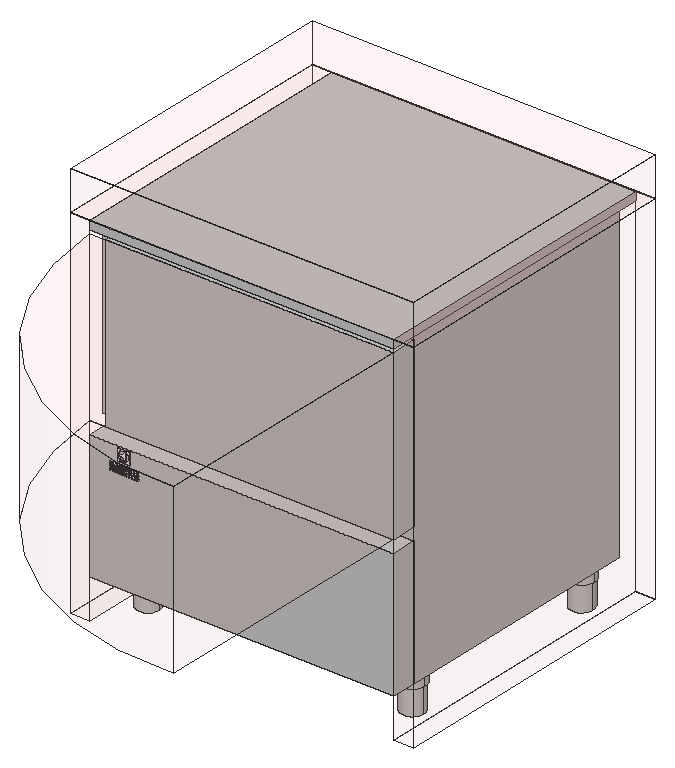
Revit family "QF_ELECTROLUXPROFESSIONAL_725208_ECBCFA015SE", category Attrezzature speciali, Revit 2018
Family settings
  Quota connettore circolare = Usa diametro
  Tipo di parte = Normale
  Basato su piano di lavoro = No
  Sempre verticale = Sì
  Taglio con vuoti quando caricato = No
  Condiviso = No
  Punto di calcolo locali = No
Parameters (values of type "Standard")
  Weight = 85.00 kg
  Watts = 1100 W
  Volts = 220 V
  URL Manufacturer = "https://www.electroluxprofessional.com/"
  URL = "https://www.electroluxprofessional.com/"
  Steam Supply Size = 0 mm
  Steam Supply Minimum Pressure = 0.0 Pa
  Steam Supply Maximum Pressure = 0.0 Pa
  Steam Consumption per Hour = 0
  Show Logo [instance] = yes
  Show Clearance [instance] = yes
  Refrigeration Suction Line Size = 0 mm
  Refrigeration Liquid Line Size = 0 mm
  Refrigerant Compressor Remote = yes
  Produttore = "Electrolux Professional"
  Phase = 1
  Modello = "ECBCFA015SE"
  Length Actual = 762 mm  # constant formula
  Item Number = "725208"
  Hot Water Size = 0 mm
  Height Actual = 902 mm  # constant formula
  HP = "1.5 HP"
  Gas Size = 0 mm
  Gas KW = 0
  Gas Input Pressure = 0 W
  Direct Waste Size = 0 mm
  Descrizione = "BLAST CHILLER/FREEZER CW 15KG 5 GN 1/1 - R452A"
  Depth Actual = 760 mm  # constant formula
  Cycle = 50 Hz
  Condensate Return Size = 0 mm
  Compressed Air Volume = 0.0 L/s
  Compressed Air Size = 0 mm
  Compressed Air Pressure = 0.0 Pa
  Cold Water Size = 0 mm
  Accessory = yes
Types (2, lengths in mm): name | URL | Produttore | Phase | Modello | Descrizione
  (no name) | 0 | 0 | 0 | 0 | 0
  Standard | "https://www.electroluxprofessional.com/" | "Electrolux Professional" | 1 | "ECBCFA015SE" | "BLAST CHILLER/FREEZER CW 15KG 5 GN 1/1 - R452A"
Values of the unnamed type that differ from the named types
  Weight = 0.00 kg
  Watts = 0 W
  Volts = 0 V
  URL Manufacturer = ""
  Item Number = ""
  HP = ""
  Cycle = 0 Hz
Reference planes
  plane 1 "Center X": y = 167.851
  plane 2: z = 0
  plane 3 "Center Y": x = -378
  plane 4 "LEFT": x = -759
  plane 5 "BACK": y = 547.851
  plane 6 "RIGHT": x = 3
  plane 7 "FRONT": y = -212.149
  plane 8: z = 100
  plane 9 "TOP": z = 902
  plane 10: x = -710
  plane 11: y = 440.851
  plane 12: x = -46
  plane 13: y = -52.149
  plane 14: y = 496.851
  plane 15: z = 882
  plane 16: y = -902.149
Forms (mm)
  Extrusion 1, solid, material "QF_Finishes_Stainless Steel"
    sketch origin (0, 0, 902) x (-1, 0, 0) y (0, -1, 0)
      loop
        line (759, -496.851) -> (759, 147.149) -> (-3, 147.149) -> (-3, -496.851) -> (759, -496.851)
    from -20 to -802
  Extrusion 2, solid, material "QF_Finishes_Stainless Steel"
    sketch origin (-499.727, 496.851, 794) x (1, 0, 0) y (0, 0, -1)
      loop
        circle (121.727, 644) r 10.5
    from 0 to 10
  Extrusion 3, solid, material "QF_Finishes_Stainless Steel"
    sketch origin (-1206.916, -1524, 100) x (-1, 0, 0) y (0, -1, 0)
      loop
        line (-447.916, -1311.851) -> (-1209.916, -1311.851) -> (-1209.916, -1376.851) -> (-447.916, -1376.851) -> (-447.916, -1311.851)
    from 320.766 to 0
  Extrusion 4, solid, material "QF_Finishes_Stainless Steel"
    sketch origin (-1225.916, -1562, 130) x (0, -1, 0) y (-1, 0, 0)
      loop
        circle (-1673.851, -847.916) r 9.5
    from 30 to 40
  Extrusion 5, solid, material "QF_Finishes_Stainless Steel"
    sketch origin (-623, 0, 1060.038) x (1, 0, 0) y (0, 1, 0)
      loop
        line (626, -212.149) -> (626, -147.149) -> (-136, -147.149) -> (-136, -212.149) -> (626, -212.149)
    from -186.804 to -608.038
  Extrusion 6, solid, material "QF_Finishes_Stainless Steel"
    sketch origin (-1206.916, -1524, 882) x (-1, 0, 0) y (0, -1, 0)
      loop
        line (-447.916, -2071.851) -> (-447.916, -1311.851) -> (-1209.916, -1311.851) -> (-1209.916, -2071.851) -> (-447.916, -2071.851)
    from 20 to 0
  Extrusion 7, solid, material "QF_Clearance", visible <- "Show Clearance"
    sketch origin (0, 0, 0) x (1, 0, 0) y (0, 1, 0)
      loop
        line (-759, 547.851) -> (-809, 547.851) -> (-809, -212.149) -> (-759, -212.149) -> (-759, 547.851)
      loop
        line (53, 547.851) -> (3, 547.851) -> (3, -212.149) -> (53, -212.149) -> (53, 547.851)
    from 0 to 902
  Extrusion 8, solid, material "QF_Clearance", visible <- "Show Clearance"
    sketch origin (0, 0, 0) x (1, 0, 0) y (0, 1, 0)
      loop
        line (-809, 547.851) -> (-809, -212.149) -> (53, -212.149) -> (53, 547.851) -> (-809, 547.851)
    from 902 to 1002
  Extrusion 9, void
    sketch origin (0, 0, 0) x (1, 0, 0) y (0, 1, 0)
      loop
        line (-759, -212.149) -> (-719, -212.149) -> (-719, -172.149) -> (-759, -172.149) -> (-759, -212.149)
    from 452 to 873.234
  Extrusion 10, solid, material "QF_Clearance"
    sketch origin (0, 0, 0) x (1, 0, 0) y (0, 1, 0)
      loop
        line (3, -902.149) -> (3, -212.149) -> (-759, -212.149)
        arc (-759, -212.149) -> (-521.162, -715.25) -> (3, -902.149) r 725.966
    from 452 to 873.234
Cuts and joins
  joined: Extrusion 1, Extrusion 2, Extrusion 4
  Extrusion 9 cuts Extrusion 3
  Extrusion 9 cuts Extrusion 7
  Extrusion 9 cuts Extrusion 5
Lines and regions (mm)
  Split face 1
    outline origin (3, -212.149, 100) x (-1, 0, 0) y (0, 0, -1)
      loop
        line (762, -254.5) -> (544.5, -254.5) -> (522.858, -232.858) -> (239.142, -232.858) -> (217.5, -254.5) -> (0, -254.5)
  Split face 2
    outline origin (3, -212.149, 100) x (-1, 0, 0) y (0, 0, -1)
      loop
        line (762, -212) -> (0, -212)
  Split face 3
    outline origin (3, -212.149, 100) x (-1, 0, 0) y (0, 0, -1)
      loop
        line (408.5, -305.998) -> (408.5, -290.998) -> (353.5, -290.998) -> (353.5, -305.998) -> (408.5, -305.998)
  Split face 4
    outline origin (3, -212.149, 75) x (-1, 0, 0) y (0, 0, -1)
      loop
        line (408.5, -305.998) -> (408.5, -290.998) -> (353.5, -290.998) -> (353.5, -305.998) -> (408.5, -305.998)
  symbolic lines
    curve 1: line (-759, 547.851, 902) -> (3, 547.851, 902)
    curve 2: line (-759, -212.149, 902) -> (-759, 547.851, 902)
    curve 3: line (3, 547.851, 902) -> (3, -212.149, 902)
    curve 4: line (3, -212.149, 0) -> (-759, -212.149, 0)
  symbolic lines, style "QF_Clearances"
    curve 5: line (-809, 547.851, 0) -> (-809, -212.149, 0)
    curve 6: line (-809, -212.149, 0) -> (-759, -212.149, 0)
    curve 7: line (53, 547.851, 0) -> (3, 547.851, 0)
    curve 8: line (53, 547.851, 0) -> (53, -212.149, 0)
    curve 9: line (-759, 547.851, 0) -> (-809, 547.851, 0)
    curve 10: line (3, -212.149, 0) -> (53, -212.149, 0)
  symbolic lines, style "QF_Door-Drawer Clearances"
    curve 11: arc (-759, -212.149, 0) -> (-521.162, -715.25, 0) -> (3, -902.149, 0) r 725.966
    curve 12: line (3, -902.149, 0) -> (3, -212.149, 0)
Dimensions and locks
  equal spacing: plane 4 "LEFT", plane 3 "Center Y", plane 6 "RIGHT"
  plane 4 "LEFT" to plane 6 "RIGHT" = 762 mm
  plane 5 "BACK" to plane 7 "FRONT" = 760 mm
  equal spacing: plane 5 "BACK", plane 1 "Center X", plane 7 "FRONT"
  cut or joined group of Extrusion 1, Extrusion 2, Extrusion 4 to Extrusion 2 sketch curve = 381 mm
  level to Extrusion 2 sketch curve = 150 mm
  plane 5 "BACK" to Extrusion 4 sketch curve = 436 mm
  plane 4 "LEFT" to Extrusion 4 sketch curve = 381 mm
  Extrusion 2 sketch curve to plane 4 "LEFT" = 381 mm
  plane 9 "TOP" to plane 2 = 902 mm
  locked: plane 9 "TOP" to plane 15 at 20
  plane 8 to level = 100 mm
  plane 6 "RIGHT" to plane 12 = 49 mm
  plane 5 "BACK" to plane 14 = 51 mm
  plane 5 "BACK" to plane 16 = 1450 mm
  aligned and locked: level to plane 2
  aligned and locked: plane 12 to nested 3
  aligned and locked: plane 12 to nested 2
  aligned and locked: nested 4 to plane 11
  aligned and locked: nested 3 to plane 11
  aligned and locked: Extrusion 1 to plane 4 "LEFT"
  aligned and locked: plane 6 "RIGHT" to Extrusion 1
  aligned and locked: plane 15 to cut or joined group of Extrusion 1, Extrusion 2, Extrusion 4
  aligned and locked: plane 14 to Extrusion 1
  aligned and locked: Extrusion 8 sketch curve to Extrusion 7  (x4)
  aligned and locked: Extrusion 8 to plane 9 "TOP"
Automatic sketch dimensions
  Extrusion 1 sketch curve to plane 6 "RIGHT" = 0 mm
  Extrusion 1 sketch curve to plane 4 "LEFT" = 0 mm
  Extrusion 1 sketch curve to plane 14 = 0 mm
  plane 7 "FRONT" to Extrusion 1 sketch curve = 65 mm
  curve 1 to plane 5 "BACK" = 0 mm
  curve 1 to plane 6 "RIGHT" = 0 mm
  curve 2 to plane 4 "LEFT" = 0 mm
  curve 3 to plane 7 "FRONT" = 0 mm
  curve 2 to plane 7 "FRONT" = 0 mm
  Extrusion 3 sketch curve to plane 6 "RIGHT" = 0 mm
  Extrusion 3 sketch curve to plane 4 "LEFT" = 0 mm
  Extrusion 3 sketch curve to plane 7 "FRONT" = 0 mm
  Extrusion 3 sketch curve to Extrusion 3 sketch curve = 65 mm
  Extrusion 5 sketch curve to plane 7 "FRONT" = 0 mm
  Extrusion 5 sketch curve to plane 10 = 49 mm
  Extrusion 5 sketch curve to plane 6 "RIGHT" = 0 mm
  Extrusion 5 sketch curve to Extrusion 5 sketch curve = 65 mm
  Extrusion 6 sketch curve to plane 5 "BACK" = 0 mm
  Extrusion 6 sketch curve to plane 6 "RIGHT" = 0 mm
  Extrusion 6 sketch curve to plane 4 "LEFT" = 0 mm
  Extrusion 6 sketch curve to plane 7 "FRONT" = 0 mm
  Split face 2 sketch curve to Extrusion 3 = 0 mm
  Extrusion 3 to Split face 2 sketch curve = 0 mm
  Split face 2 sketch curve to Extrusion 3 = 108.766 mm
  Split face 3 sketch curve to Extrusion 3 = 14.768 mm
  Split face 3 sketch curve to Extrusion 3 = 353.5 mm
  Split face 3 sketch curve to Split face 3 sketch curve = 55 mm
  Split face 3 sketch curve to Split face 3 sketch curve = 15 mm
  Split face 4 sketch curve to Extrusion 3 = 39.768 mm
  Split face 4 sketch curve to Extrusion 3 = 353.5 mm
  Split face 4 sketch curve to Split face 4 sketch curve = 55 mm
  Split face 4 sketch curve to Split face 4 sketch curve = 15 mm
  Extrusion 7 sketch curve to plane 7 "FRONT" = 0 mm  (x2)
  Extrusion 7 sketch curve to plane 5 "BACK" = 0 mm  (x2)
  Extrusion 7 sketch curve to plane 4 "LEFT" = 0 mm
  Extrusion 7 sketch curve to plane 6 "RIGHT" = 0 mm
  Extrusion 7 sketch curve to Extrusion 7 sketch curve = 50 mm
  plane 6 "RIGHT" to Extrusion 7 sketch curve = 50 mm
  curve 6 to plane 7 "FRONT" = 0 mm
  curve 5 to plane 5 "BACK" = 0 mm
  plane 6 "RIGHT" to curve 8 = 50 mm
  curve 7 to plane 5 "BACK" = 0 mm
  curve 6 to plane 4 "LEFT" = 0 mm
  curve 9 to plane 4 "LEFT" = 0 mm
  curve 9 to curve 9 = 50 mm
  curve 7 to plane 6 "RIGHT" = 0 mm
  Extrusion 9 sketch curve to plane 4 "LEFT" = 0 mm
  Extrusion 9 sketch curve to plane 7 "FRONT" = 0 mm
  Extrusion 9 sketch curve to plane 10 = 9 mm
  plane 7 "FRONT" to Extrusion 9 sketch curve = 40 mm
  Extrusion 10 sketch curve to plane 4 "LEFT" = 0 mm
  Extrusion 10 sketch curve to plane 6 "RIGHT" = 0 mm
  Extrusion 10 sketch curve to plane 16 = 0 mm
  Extrusion 10 sketch curve to plane 7 "FRONT" = 0 mm
  plane 12 to Extrusion 10 sketch curve = 12.12 mm
  curve 11 to plane 6 "RIGHT" = 0 mm
  curve 11 to plane 16 = 0 mm
  plane 12 to curve 11 = 12.12 mm
  Split face 1 sketch curve to Extrusion 3 = 0 mm
  Extrusion 3 to Split face 1 sketch curve = 0 mm
  Split face 1 sketch curve to Extrusion 3 = 66.266 mm
  Split face 1 sketch curve to Extrusion 3 = 217.5 mm
  Split face 1 sketch curve to Split face 1 sketch curve = 21.642 mm  (x3)
  Split face 1 sketch curve to Extrusion 3 = 87.908 mm
  Split face 1 sketch curve to Extrusion 3 = 239.142 mm
  radius of Extrusion 2 sketch curve = 10.5 mm
  radius of Extrusion 4 sketch curve = 9.5 mm
Nested families
  nested 1: "Foot_Complete" at (-710, -91.149, 0), type "Foot_Complete"
    with H 100 mm
  nested 2: "Foot_Complete" at (-46, -91.149, 0), type "Foot_Complete"
    with H 100 mm
  nested 3: "Foot_Complete" at (-46, 440.851, 0), type "Foot_Complete"
    with H 100 mm
  nested 4: "Foot_Complete" at (-710, 440.851, 0), type "Foot_Complete"
    with H 100 mm
  nested 5: "ELX_Pro_Logo" at (-673, -212.149, 384.5) x (1, 0, 0) z (0, -1, 0), type "ELX_Pro_Logo"
Connectors
  electrical at (-378, 506.851, 150), driven by "Volts"
    settings: on Extrusion 2, index 5, voltage 220 V, apparent load 0 VA, apparent load phase1 0 VA, apparent load phase2 0 VA, apparent load phase3 0 VA, power factor 1, load classification "Altro", number of poles 1, system type 30, power factor state 1, is connector primary yes, connector utility no, sub classification motor no, connector description "Electrical Connection"
  piping at (-378, 111.851, 90), diameter 19
    settings: on cut or joined group of Extrusion 1, Extrusion 2, Extrusion 4, index 6, connector inside diameter 609.6 mm, connector length 0 mm, flow factor 0, pipe flow 0.0 L/s, pressure drop 0.0 Pa, fitting loss kfactor 0, connector angle 0.00°, fixture units 0, engagement length 0 mm, angle of deflection 0.00°, flow configuration 1, flow direction 2, fitting loss method 0, system type 16, joint type 0, gender type 0, connector reference index -1, connector utility 0, adjustable connector no, is connector primary yes, connector description "Drain"
Definition of nested family "Foot_Complete"
  Parameters
    R = 32 mm
    H = 150 mm
  Reference planes
    plane 1 "Centro (Fronte/Retro)": y = 0
    plane 2: z = 0
    plane 3 "Centro (Sinistra/Destra)": x = 0
    plane 4: z = 150
  Forms (mm)
    Revolve 1, solid
      sketch origin (255.05, 0, 608.09) x (0, 0, 1) y (-1, 0, 0)
        loop
          line (-608.09, 255.05) -> (-608.09, 226.55) -> (-544.09, 226.55) -> (-544.09, 223.05) -> (-458.09, 223.05) -> (-458.09, 255.05) -> (-608.09, 255.05)
        axis (-608.09, 255.05) -> (-458.09, 255.05)
      angle from 0 to 360
  Dimensions and locks
    locked: level to Revolve 1 sketch curve at 64
    "R": Revolve 1 sketch curve to plane 3 "Centro (Sinistra/Destra)"
    "H": plane 4 to level
    aligned and locked: level to plane 2
    aligned and locked: plane 4 to Revolve 1 sketch curve
    aligned and locked: Revolve 1 sketch curve to level
    aligned and locked: plane 3 "Centro (Sinistra/Destra)" to Revolve 1 sketch curve
  Automatic sketch dimensions
    Revolve 1 sketch curve to plane 3 "Centro (Sinistra/Destra)" = 0 mm
    plane 3 "Centro (Sinistra/Destra)" to Revolve 1 sketch curve = 28.5 mm
    Revolve 1 sketch curve to Revolve 1 sketch curve = 50 mm
    Revolve 1 sketch curve to Revolve 1 sketch curve = 20 mm
Definition of nested family "ELX_Pro_Logo"
  Parameters (values of type "ELX_Pro_Logo")
    M = none
    Default Elevation = 0 mm
  Reference planes
    plane 1 "Centro (Fronte/Retro)": y = 0
    plane 2: z = 0
    plane 3 "Centro (Sinistra/Destra)": x = 0
  Forms (mm)
    Extrusion 1, solid
      sketch origin (0, 0, 0) x (1, 0, 0) y (0, 1, 0)
        loop
          line (-1219.2, 1219.2) -> (-1219.2, -1219.2) -> (1219.2, -1219.2) -> (1219.2, 1219.2) -> (-1219.2, 1219.2)
      from 0 to -304.8
    Extrusion 2, solid, material <- "M"
      sketch origin (-144.622, -1081.55, 0) x (-1, 0, 0) y (0, -1, 0)
        loop
          line (-111.329, -1069.559) -> (-111.329, -1071.073) -> (-116.048, -1071.073) -> (-116.048, -1072.896) -> (-111.328, -1072.896) -> (-111.328, -1075.549) -> (-116.349, -1075.549) -> (-116.349, -1077.368) -> (-109.396, -1077.368) -> (-109.396, -1073.46) -> (-109.396, -1069.659)
          arc (-109.396, -1069.659) -> (-110.425, -1067.175) -> (-112.909, -1066.146) r 3.513
          line (-112.909, -1066.146) -> (-116.483, -1066.146) -> (-116.483, -1067.963) -> (-112.925, -1067.963)
          arc (-112.925, -1067.963) -> (-111.797, -1068.431) -> (-111.329, -1069.559) r 1.596
        loop
          line (-119.79, -1077.358) -> (-117.856, -1077.358) -> (-117.856, -1072.053) -> (-117.856, -1066.132) -> (-119.79, -1066.132) -> (-119.79, -1072.092) -> (-119.79, -1077.358)
        loop
          line (-122.986, -1069.718) -> (-129.327, -1069.718)
          arc (-129.327, -1069.718) -> (-129.219, -1071.449) -> (-128.497, -1073.026) r 4.757
          arc (-128.497, -1073.026) -> (-125.237, -1074.5) -> (-121.978, -1073.026) r 4.34
          arc (-121.978, -1073.026) -> (-121.072, -1070.207) -> (-121.978, -1067.388) r 4.838
          arc (-121.978, -1067.388) -> (-125.393, -1065.933) -> (-128.809, -1067.388) r 4.737
          line (-128.809, -1067.388) -> (-127.645, -1068.52)
          arc (-127.645, -1068.52) -> (-125.509, -1067.576) -> (-123.374, -1068.52) r 2.888
          arc (-123.374, -1068.52) -> (-123.05, -1069.077) -> (-122.986, -1069.718) r 1.527
        loop
          arc (-127.386, -1071.076) -> (-126.67, -1072.331) -> (-125.331, -1072.872) r 2.201
          arc (-125.331, -1072.872) -> (-123.848, -1072.402) -> (-123.033, -1071.076) r 2.23
          line (-123.033, -1071.076) -> (-127.386, -1071.076)
        loop
          line (-136.862, -1071.886) -> (-138.059, -1073.132)
          arc (-138.059, -1073.132) -> (-130.327, -1070.219) -> (-138.059, -1067.306) r 4.415
          line (-138.059, -1067.306) -> (-136.862, -1068.553)
          arc (-136.862, -1068.553) -> (-132.252, -1070.22) -> (-136.862, -1071.886) r 2.606
        loop
          line (-141.192, -1069.673) -> (-141.192, -1072.494) -> (-142.951, -1072.494) -> (-142.951, -1074.25) -> (-141.195, -1074.25) -> (-141.195, -1077.358) -> (-139.262, -1077.358) -> (-139.262, -1073.332) -> (-139.262, -1069.514)
          arc (-139.262, -1069.514) -> (-140.299, -1066.92) -> (-142.98, -1066.132) r 3.196
          line (-142.98, -1066.132) -> (-142.987, -1067.949)
          arc (-142.987, -1067.949) -> (-141.652, -1068.356) -> (-141.192, -1069.673) r 1.542
        loop
          line (-146.494, -1073.042) -> (-146.494, -1074.25) -> (-144.576, -1074.25) -> (-144.576, -1070.271) -> (-144.576, -1066.132) -> (-146.494, -1066.132) -> (-146.494, -1070.401)
          arc (-146.494, -1070.401) -> (-147.446, -1072.228) -> (-149.489, -1072.494) r 2.229
          line (-149.489, -1072.494) -> (-149.489, -1074.362)
          arc (-149.489, -1074.362) -> (-147.761, -1074.226) -> (-146.494, -1073.042) r 2.627
        loop
          line (-159.833, -1072.246) -> (-159.833, -1066.131) -> (-161.767, -1066.131) -> (-161.767, -1072.17) -> (-161.767, -1077.359) -> (-159.833, -1077.359) -> (-159.833, -1072.246)
        loop
          line (-165.194, -1069.514) -> (-165.194, -1074.25) -> (-163.245, -1074.25) -> (-163.245, -1071.898) -> (-163.245, -1069.098)
          arc (-163.245, -1069.098) -> (-166.96, -1065.769) -> (-170.687, -1069.085) r 3.745
          line (-170.687, -1069.085) -> (-170.687, -1071.898) -> (-170.687, -1074.25) -> (-168.739, -1074.25) -> (-168.739, -1069.514)
          arc (-168.739, -1069.514) -> (-166.967, -1067.742) -> (-165.194, -1069.514) r 1.772
        loop
          line (-174.654, -1070.416) -> (-172.975, -1068.078) -> (-171.578, -1066.131) -> (-173.656, -1066.131) -> (-175.717, -1068.999) -> (-177.779, -1066.131) -> (-179.857, -1066.131) -> (-178, -1068.728) -> (-176.781, -1070.433) -> (-178.29, -1072.488) -> (-179.583, -1074.25) -> (-177.473, -1074.25) -> (-175.717, -1071.818) -> (-173.945, -1074.25) -> (-171.852, -1074.25) -> (-173.052, -1072.608) -> (-174.654, -1070.416)
        loop
          circle (-154.223, -1070.188) r 2.508
        loop
          circle (-154.223, -1070.188) r 4.42
        loop
          line (-110.224, -1058.542) -> (-111.194, -1058.542)
          arc (-111.194, -1058.542) -> (-112.217, -1059.95) -> (-110.924, -1061.114) r 1.3
          line (-110.924, -1061.114) -> (-109.424, -1061.114) -> (-109.424, -1057.223) -> (-110.224, -1057.223) -> (-110.224, -1058.542)
        loop
          line (-110.224, -1060.379) -> (-110.224, -1059.293) -> (-111.03, -1059.293)
          arc (-111.03, -1059.293) -> (-111.43, -1059.836) -> (-111.03, -1060.379) r 0.569
          line (-111.03, -1060.379) -> (-110.224, -1060.379)
        loop
          line (-116.302, -1058.564) -> (-117.128, -1058.564) -> (-117.934, -1057.223) -> (-118.841, -1057.223) -> (-117.833, -1058.884)
          arc (-117.833, -1058.884) -> (-118.214, -1060.282) -> (-117.028, -1061.114) r 1.26
          line (-117.028, -1061.114) -> (-115.503, -1061.114) -> (-115.503, -1057.223) -> (-116.302, -1057.223) -> (-116.302, -1058.564)
        loop
          line (-116.302, -1060.379) -> (-116.302, -1059.293) -> (-117.109, -1059.293)
          arc (-117.109, -1059.293) -> (-117.508, -1059.836) -> (-117.109, -1060.379) r 0.569
          line (-117.109, -1060.379) -> (-116.302, -1060.379)
        loop
          line (-128.923, -1057.223) -> (-129.723, -1057.223) -> (-129.723, -1058.714) -> (-131.187, -1058.714) -> (-131.187, -1059.514) -> (-129.723, -1059.514) -> (-129.723, -1060.314) -> (-131.327, -1060.314) -> (-131.327, -1061.114) -> (-128.923, -1061.114) -> (-128.923, -1057.223)
        loop
          arc (-134.628, -1058.469) -> (-134.992, -1057.588) -> (-135.874, -1057.223) r 1.246
          line (-135.874, -1057.223) -> (-137.13, -1057.223) -> (-137.13, -1058.023) -> (-135.969, -1058.023)
          arc (-135.969, -1058.023) -> (-135.53, -1058.237) -> (-135.427, -1058.714) r 0.558
          line (-135.427, -1058.714) -> (-136.984, -1058.714) -> (-136.984, -1059.514) -> (-135.427, -1059.514) -> (-135.427, -1060.314) -> (-137.092, -1060.314) -> (-137.092, -1061.114) -> (-134.628, -1061.114) -> (-134.628, -1058.469)
        loop
          line (-152.3, -1057.223) -> (-153.1, -1057.223) -> (-153.1, -1061.114) -> (-152.3, -1061.114) -> (-152.3, -1057.223)
        loop
          line (-164.67, -1057.223) -> (-164.67, -1059.67) -> (-166.45, -1057.223) -> (-167.25, -1057.223) -> (-167.25, -1061.114) -> (-166.42, -1061.114) -> (-166.42, -1058.594) -> (-164.64, -1061.114) -> (-163.84, -1061.114) -> (-163.84, -1057.223) -> (-164.67, -1057.223)
        loop
          line (-170.403, -1057.223) -> (-171.262, -1057.223) -> (-171.641, -1058.063) -> (-173.08, -1058.063) -> (-173.459, -1057.223) -> (-174.317, -1057.223) -> (-172.796, -1061.113) -> (-171.996, -1061.113) -> (-170.403, -1057.223)
        loop
          line (-177.493, -1057.223) -> (-179.789, -1057.223) -> (-179.789, -1058.023) -> (-178.293, -1058.023) -> (-178.293, -1061.114) -> (-177.493, -1061.114) -> (-177.493, -1057.223)
        loop
          line (-172.362, -1059.848) -> (-171.945, -1058.83) -> (-172.76, -1058.83) -> (-172.362, -1059.848)
        loop
          circle (-158.484, -1059.145) r 1.288
        loop
          circle (-158.484, -1059.145) r 2.065
        loop
          arc (-146.04, -1058.095) -> (-146.933, -1057.275) -> (-148.145, -1057.245) r 1.725
          arc (-148.145, -1057.245) -> (-148.965, -1058.02) -> (-148.68, -1059.111) r 1.107
          arc (-148.68, -1059.111) -> (-148.103, -1059.465) -> (-147.486, -1059.746) r 5.523
          arc (-147.486, -1059.746) -> (-147.147, -1060.262) -> (-147.708, -1060.52) r 0.407
          arc (-147.708, -1060.52) -> (-148.045, -1060.315) -> (-148.325, -1060.038) r 1.702
          line (-148.325, -1060.038) -> (-149.011, -1060.45)
          arc (-149.011, -1060.45) -> (-148.578, -1060.911) -> (-148.043, -1061.247) r 2.463
          arc (-148.043, -1061.247) -> (-146.373, -1060.466) -> (-147.42, -1058.949) r 1.207
          spline (-147.42, -1058.949) -> (-147.716, -1058.809) -> (-147.932, -1058.678) -> (-148.077, -1058.557) -> (-148.163, -1058.446) -> (-148.198, -1058.347) -> (-148.192, -1058.258) -> (-148.157, -1058.182) -> (-148.102, -1058.118) -> (-148.037, -1058.068) -> (-147.972, -1058.031) -> (-147.917, -1058.008) -> (-147.883, -1058)
          arc (-147.883, -1058) -> (-147.238, -1058.014) -> (-146.759, -1058.446) r 0.925
          line (-146.759, -1058.446) -> (-146.04, -1058.095)
        loop
          arc (-140.18, -1058.095) -> (-141.073, -1057.275) -> (-142.285, -1057.245) r 1.725
          arc (-142.285, -1057.245) -> (-143.106, -1058.02) -> (-142.821, -1059.111) r 1.107
          arc (-142.821, -1059.111) -> (-142.243, -1059.465) -> (-141.627, -1059.746) r 5.523
          arc (-141.627, -1059.746) -> (-141.287, -1060.262) -> (-141.849, -1060.52) r 0.407
          arc (-141.849, -1060.52) -> (-142.185, -1060.315) -> (-142.466, -1060.038) r 1.702
          line (-142.466, -1060.038) -> (-143.151, -1060.45)
          arc (-143.151, -1060.45) -> (-142.719, -1060.911) -> (-142.183, -1061.247) r 2.463
          arc (-142.183, -1061.247) -> (-140.513, -1060.466) -> (-141.56, -1058.949) r 1.207
          spline (-141.56, -1058.949) -> (-141.856, -1058.809) -> (-142.072, -1058.678) -> (-142.218, -1058.557) -> (-142.303, -1058.446) -> (-142.338, -1058.347) -> (-142.333, -1058.258) -> (-142.298, -1058.182) -> (-142.242, -1058.118) -> (-142.177, -1058.068) -> (-142.112, -1058.031) -> (-142.057, -1058.008) -> (-142.023, -1058)
          arc (-142.023, -1058) -> (-141.378, -1058.014) -> (-140.9, -1058.446) r 0.925
          line (-140.9, -1058.446) -> (-140.18, -1058.095)
        loop
          circle (-123.484, -1059.145) r 1.288
        loop
          circle (-123.484, -1059.145) r 2.065
        loop
          line (-130.225, -1113.361) -> (-130.225, -1084.645) -> (-158.979, -1084.645) -> (-158.979, -1113.361) -> (-130.225, -1113.361)
        loop
          arc (-148.442, -1086.055) -> (-157.992, -1098.973) -> (-148.442, -1111.892) r 13.512
          line (-148.442, -1111.892) -> (-148.442, -1086.055)
        loop
          line (-147.127, -1086.055) -> (-147.127, -1087.926)
          arc (-147.127, -1087.926) -> (-143.116, -1095.125) -> (-135.48, -1098.224) r 12.412
          line (-135.48, -1098.224) -> (-131.205, -1098.224)
          arc (-131.205, -1098.224) -> (-136.382, -1088.497) -> (-147.127, -1086.055) r 13.242
        loop
          line (-147.127, -1110.021) -> (-147.127, -1112.224)
          arc (-147.127, -1112.224) -> (-136.374, -1109.53) -> (-131.205, -1099.722) r 13.588
          line (-131.205, -1099.722) -> (-135.48, -1099.722)
          arc (-135.48, -1099.722) -> (-143.116, -1102.822) -> (-147.127, -1110.021) r 12.412
      from 0 to 1.6
  Lines and regions (mm)
    symbolic lines
      curve 1: line (-14.357, 31.811, 0) -> (14.357, 31.811, 0)
      curve 2: line (-14.357, 3.095, 0) -> (-14.357, 31.811, 0)
      curve 3: line (14.357, 3.095, 0) -> (-14.357, 3.095, 0)
      curve 4: line (14.357, 31.811, 0) -> (14.357, 3.095, 0)
      curve 5: line (-8.32, 7.722, 0) -> (-9.387, 8.738, 0)
      curve 6: line (-9.387, 8.738, 0) -> (-10.331, 9.866, 0)
      curve 7: line (-10.331, 9.866, 0) -> (-11.141, 11.095, 0)
      curve 8: line (-11.141, 11.095, 0) -> (-11.805, 12.411, 0)
      curve 9: line (-11.805, 12.411, 0) -> (-12.31, 13.803, 0)
      curve 10: line (-12.31, 13.803, 0) -> (-12.646, 15.26, 0)
      curve 11: line (-12.646, 15.26, 0) -> (-12.8, 16.77, 0)
      curve 12: line (-12.8, 16.77, 0) -> (-10.081, 16.77, 0)
      curve 13: line (-10.081, 16.77, 0) -> (-8.466, 16.661, 0)
      curve 14: line (-8.466, 16.661, 0) -> (-6.88, 16.344, 0)
      curve 15: line (-6.88, 16.344, 0) -> (-5.345, 15.833, 0)
      curve 16: line (-5.345, 15.833, 0) -> (-3.882, 15.143, 0)
      curve 17: line (-3.882, 15.143, 0) -> (-2.511, 14.288, 0)
      curve 18: line (-2.511, 14.288, 0) -> (-1.255, 13.283, 0)
      curve 19: line (-1.255, 13.283, 0) -> (-0.135, 12.143, 0)
      curve 20: line (-0.135, 12.143, 0) -> (0.83, 10.882, 0)
      curve 21: line (0.83, 10.882, 0) -> (1.616, 9.515, 0)
      curve 22: arc (1.616, 9.515, 0) -> (2.419, 7.28, 0) -> (2.7, 4.923, 0) r 10.532
      curve 23: arc (2.7, 4.923, 0) -> (1.362, 4.715, 0) -> (0.011, 4.633, 0) r 14.39
      curve 24: line (0.011, 4.633, 0) -> (-1.56, 4.731, 0)
      curve 25: line (-1.56, 4.731, 0) -> (-3.062, 5.011, 0)
      curve 26: line (-3.062, 5.011, 0) -> (-4.502, 5.462, 0)
      curve 27: line (-4.502, 5.462, 0) -> (-5.866, 6.072, 0)
      curve 28: line (-5.866, 6.072, 0) -> (-7.142, 6.829, 0)
      curve 29: line (-7.142, 6.829, 0) -> (-8.32, 7.722, 0)
      curve 30: line (-10.802, 24.24, 0) -> (-9.872, 25.531, 0)
      curve 31: line (-9.872, 25.531, 0) -> (-8.796, 26.699, 0)
      curve 32: line (-8.796, 26.699, 0) -> (-7.587, 27.728, 0)
      curve 33: line (-7.587, 27.728, 0) -> (-6.258, 28.602, 0)
      curve 34: line (-6.258, 28.602, 0) -> (-4.823, 29.309, 0)
      curve 35: line (-4.823, 29.309, 0) -> (-3.293, 29.832, 0)
      curve 36: line (-3.293, 29.832, 0) -> (-1.683, 30.156, 0)
      curve 37: arc (-1.683, 30.156, 0) -> (0.517, 30.256, 0) -> (2.702, 29.984, 0) r 13.008
      curve 38: arc (2.702, 29.984, 0) -> (2.453, 27.616, 0) -> (1.617, 25.387, 0) r 9.395
      curve 39: line (1.617, 25.387, 0) -> (0.83, 24.018, 0)
      curve 40: line (0.83, 24.018, 0) -> (-0.134, 22.756, 0)
      curve 41: line (-0.134, 22.756, 0) -> (-1.255, 21.615, 0)
      curve 42: line (-1.255, 21.615, 0) -> (-2.512, 20.609, 0)
      curve 43: line (-2.512, 20.609, 0) -> (-3.882, 19.754, 0)
      curve 44: line (-3.882, 19.754, 0) -> (-5.346, 19.063, 0)
      curve 45: line (-5.346, 19.063, 0) -> (-6.881, 18.551, 0)
      curve 46: line (-6.881, 18.551, 0) -> (-8.467, 18.234, 0)
      curve 47: line (-8.467, 18.234, 0) -> (-10.083, 18.125, 0)
      curve 48: line (-10.083, 18.125, 0) -> (-12.798, 18.125, 0)
      curve 49: line (-12.798, 18.125, 0) -> (-12.584, 19.768, 0)
      curve 50: line (-12.584, 19.768, 0) -> (-12.171, 21.343, 0)
      curve 51: line (-12.171, 21.343, 0) -> (-11.572, 22.839, 0)
      curve 52: line (-11.572, 22.839, 0) -> (-10.802, 24.24, 0)
      curve 53: line (4.048, 5.294, 0) -> (4.048, 29.617, 0)
      curve 54: line (4.048, 29.617, 0) -> (5.525, 29.026, 0)
      curve 55: line (5.525, 29.026, 0) -> (6.905, 28.26, 0)
      curve 56: line (6.905, 28.26, 0) -> (8.174, 27.332, 0)
      curve 57: line (8.174, 27.332, 0) -> (9.318, 26.256, 0)
      curve 58: line (9.318, 26.256, 0) -> (10.323, 25.046, 0)
      curve 59: line (10.323, 25.046, 0) -> (11.177, 23.715, 0)
      curve 60: line (11.177, 23.715, 0) -> (11.865, 22.277, 0)
      curve 61: line (11.865, 22.277, 0) -> (12.375, 20.746, 0)
      curve 62: line (12.375, 20.746, 0) -> (12.693, 19.135, 0)
      curve 63: line (12.693, 19.135, 0) -> (12.804, 17.459, 0)
      curve 64: line (12.804, 17.459, 0) -> (12.702, 15.807, 0)
      curve 65: line (12.702, 15.807, 0) -> (12.396, 14.216, 0)
      curve 66: line (12.396, 14.216, 0) -> (11.897, 12.7, 0)
      curve 67: line (11.897, 12.7, 0) -> (11.218, 11.271, 0)
      curve 68: line (11.218, 11.271, 0) -> (10.372, 9.944, 0)
      curve 69: line (10.372, 9.944, 0) -> (9.37, 8.731, 0)
      curve 70: line (9.37, 8.731, 0) -> (8.224, 7.646, 0)
      curve 71: line (8.224, 7.646, 0) -> (6.947, 6.703, 0)
      curve 72: line (6.947, 6.703, 0) -> (5.551, 5.914, 0)
      curve 73: line (5.551, 5.914, 0) -> (4.048, 5.294, 0)
      curve 74: line (-35.227, -8.09, 0) -> (-35.227, -11.891, 0)
      curve 75: arc (-35.227, -11.891, 0) -> (-34.198, -14.375, 0) -> (-31.714, -15.404, 0) r 3.513
      curve 76: line (-31.714, -15.404, 0) -> (-28.139, -15.404, 0)
      curve 77: line (-28.139, -15.404, 0) -> (-28.139, -13.587, 0)
      curve 78: line (-28.139, -13.587, 0) -> (-31.697, -13.587, 0)
      curve 79: arc (-31.697, -13.587, 0) -> (-32.826, -13.119, 0) -> (-33.293, -11.991, 0) r 1.596
      curve 80: line (-33.293, -11.991, 0) -> (-33.293, -10.477, 0)
      curve 81: line (-33.293, -10.477, 0) -> (-28.574, -10.477, 0)
      curve 82: line (-28.574, -10.477, 0) -> (-28.574, -8.654, 0)
      curve 83: line (-28.574, -8.654, 0) -> (-33.294, -8.654, 0)
      curve 84: line (-33.294, -8.654, 0) -> (-33.294, -6.001, 0)
      curve 85: line (-33.294, -6.001, 0) -> (-28.273, -6.001, 0)
      curve 86: line (-28.273, -6.001, 0) -> (-28.273, -4.182, 0)
      curve 87: line (-28.273, -4.182, 0) -> (-35.227, -4.182, 0)
      curve 88: line (-35.227, -4.182, 0) -> (-35.227, -8.09, 0)
      curve 89: line (-24.833, -9.458, 0) -> (-24.833, -4.192, 0)
      curve 90: line (-24.833, -4.192, 0) -> (-26.766, -4.192, 0)
      curve 91: line (-26.766, -4.192, 0) -> (-26.766, -9.497, 0)
      curve 92: line (-26.766, -9.497, 0) -> (-26.766, -15.418, 0)
      curve 93: line (-26.766, -15.418, 0) -> (-24.833, -15.418, 0)
      curve 94: line (-24.833, -15.418, 0) -> (-24.833, -9.458, 0)
      curve 95: arc (-16.125, -8.524, 0) -> (-19.385, -7.05, 0) -> (-22.645, -8.524, 0) r 4.34
      curve 96: arc (-22.645, -8.524, 0) -> (-23.551, -11.343, 0) -> (-22.645, -14.162, 0) r 4.838
      curve 97: arc (-22.645, -14.162, 0) -> (-19.229, -15.617, 0) -> (-15.813, -14.162, 0) r 4.737
      curve 98: line (-15.813, -14.162, 0) -> (-16.978, -13.03, 0)
      curve 99: arc (-16.978, -13.03, 0) -> (-19.113, -13.974, 0) -> (-21.249, -13.03, 0) r 2.888
      curve 100: arc (-21.249, -13.03, 0) -> (-21.572, -12.473, 0) -> (-21.637, -11.832, 0) r 1.527
      curve 101: line (-21.637, -11.832, 0) -> (-15.295, -11.832, 0)
      curve 102: arc (-15.295, -11.832, 0) -> (-15.404, -10.101, 0) -> (-16.125, -8.524, 0) r 4.757
      curve 103: line (-17.236, -10.474, 0) -> (-21.589, -10.474, 0)
      curve 104: arc (-21.589, -10.474, 0) -> (-20.774, -9.148, 0) -> (-19.291, -8.678, 0) r 2.23
      curve 105: arc (-19.291, -8.678, 0) -> (-17.952, -9.219, 0) -> (-17.236, -10.474, 0) r 2.201
      curve 106: arc (-6.563, -8.418, 0) -> (-14.295, -11.331, 0) -> (-6.563, -14.244, 0) r 4.415
      curve 107: line (-6.563, -14.244, 0) -> (-7.761, -12.997, 0)
      curve 108: arc (-7.761, -12.997, 0) -> (-12.371, -11.33, 0) -> (-7.761, -9.664, 0) r 2.606
      curve 109: line (-7.761, -9.664, 0) -> (-6.563, -8.418, 0)
      curve 110: line (-5.361, -4.192, 0) -> (-5.361, -8.218, 0)
      curve 111: line (-5.361, -8.218, 0) -> (-5.361, -12.036, 0)
      curve 112: arc (-5.361, -12.036, 0) -> (-4.323, -14.63, 0) -> (-1.642, -15.418, 0) r 3.196
      curve 113: line (-1.642, -15.418, 0) -> (-1.636, -13.601, 0)
      curve 114: arc (-1.636, -13.601, 0) -> (-2.97, -13.194, 0) -> (-3.43, -11.877, 0) r 1.542
      curve 115: line (-3.43, -11.877, 0) -> (-3.43, -9.056, 0)
      curve 116: line (-3.43, -9.056, 0) -> (-1.672, -9.056, 0)
      curve 117: line (-1.672, -9.056, 0) -> (-1.672, -7.299, 0)
      curve 118: line (-1.672, -7.299, 0) -> (-3.427, -7.299, 0)
      curve 119: line (-3.427, -7.299, 0) -> (-3.427, -4.192, 0)
      curve 120: line (-3.427, -4.192, 0) -> (-5.361, -4.192, 0)
      curve 121: line (1.872, -7.3, 0) -> (-0.046, -7.3, 0)
      curve 122: line (-0.046, -7.3, 0) -> (-0.046, -11.279, 0)
      curve 123: line (-0.046, -11.279, 0) -> (-0.046, -15.418, 0)
      curve 124: line (-0.046, -15.418, 0) -> (1.872, -15.418, 0)
      curve 125: line (1.872, -15.418, 0) -> (1.872, -11.149, 0)
      curve 126: arc (1.872, -11.149, 0) -> (2.824, -9.322, 0) -> (4.867, -9.056, 0) r 2.229
      curve 127: line (4.867, -9.056, 0) -> (4.867, -7.188, 0)
      curve 128: arc (4.867, -7.188, 0) -> (3.138, -7.324, 0) -> (1.872, -8.508, 0) r 2.627
      curve 129: line (1.872, -8.508, 0) -> (1.872, -7.3, 0)
      curve 130: arc (7.092, -11.362, 0) -> (9.601, -8.854, 0) -> (12.109, -11.362, 0) r 2.508
      curve 131: arc (12.109, -11.362, 0) -> (9.601, -13.871, 0) -> (7.092, -11.362, 0) r 2.508
      curve 132: arc (5.18, -11.362, 0) -> (9.601, -15.783, 0) -> (14.021, -11.362, 0) r 4.42
      curve 133: arc (14.021, -11.362, 0) -> (9.601, -6.942, 0) -> (5.18, -11.362, 0) r 4.42
      curve 134: line (15.211, -4.191, 0) -> (15.211, -9.304, 0)
      curve 135: line (15.211, -9.304, 0) -> (15.211, -15.419, 0)
      curve 136: line (15.211, -15.419, 0) -> (17.145, -15.419, 0)
      curve 137: line (17.145, -15.419, 0) -> (17.145, -9.38, 0)
      curve 138: line (17.145, -9.38, 0) -> (17.145, -4.191, 0)
      curve 139: line (17.145, -4.191, 0) -> (15.211, -4.191, 0)
      curve 140: line (18.622, -7.299, 0) -> (18.622, -9.652, 0)
      curve 141: line (18.622, -9.652, 0) -> (18.622, -12.452, 0)
      curve 142: arc (18.622, -12.452, 0) -> (22.338, -15.781, 0) -> (26.064, -12.465, 0) r 3.745
      curve 143: line (26.064, -12.465, 0) -> (26.064, -9.652, 0)
      curve 144: line (26.064, -9.652, 0) -> (26.064, -7.299, 0)
      curve 145: line (26.064, -7.299, 0) -> (24.116, -7.299, 0)
      curve 146: line (24.116, -7.299, 0) -> (24.116, -12.036, 0)
      curve 147: arc (24.116, -12.036, 0) -> (22.344, -13.808, 0) -> (20.572, -12.036, 0) r 1.772
      curve 148: line (20.572, -12.036, 0) -> (20.572, -7.299, 0)
      curve 149: line (20.572, -7.299, 0) -> (18.622, -7.299, 0)
      curve 150: line (28.43, -8.942, 0) -> (30.032, -11.134, 0)
      curve 151: line (30.032, -11.134, 0) -> (28.353, -13.472, 0)
      curve 152: line (28.353, -13.472, 0) -> (26.955, -15.419, 0)
      curve 153: line (26.955, -15.419, 0) -> (29.033, -15.419, 0)
      curve 154: line (29.033, -15.419, 0) -> (31.095, -12.551, 0)
      curve 155: line (31.095, -12.551, 0) -> (33.156, -15.419, 0)
      curve 156: line (33.156, -15.419, 0) -> (35.234, -15.419, 0)
      curve 157: line (35.234, -15.419, 0) -> (33.378, -12.822, 0)
      curve 158: line (33.378, -12.822, 0) -> (32.158, -11.117, 0)
      curve 159: line (32.158, -11.117, 0) -> (33.668, -9.062, 0)
      curve 160: line (33.668, -9.062, 0) -> (34.961, -7.3, 0)
      curve 161: line (34.961, -7.3, 0) -> (32.851, -7.3, 0)
      curve 162: line (32.851, -7.3, 0) -> (31.095, -9.732, 0)
      curve 163: line (31.095, -9.732, 0) -> (29.323, -7.3, 0)
      curve 164: line (29.323, -7.3, 0) -> (27.23, -7.3, 0)
      curve 165: line (27.23, -7.3, 0) -> (28.43, -8.942, 0)
      curve 166: line (-35.198, -20.436, 0) -> (-35.198, -24.327, 0)
      curve 167: line (-35.198, -24.327, 0) -> (-34.398, -24.327, 0)
      curve 168: line (-34.398, -24.327, 0) -> (-34.398, -23.008, 0)
      curve 169: line (-34.398, -23.008, 0) -> (-33.428, -23.008, 0)
      curve 170: arc (-33.428, -23.008, 0) -> (-32.405, -21.6, 0) -> (-33.699, -20.436, 0) r 1.3
      curve 171: line (-33.699, -20.436, 0) -> (-35.198, -20.436, 0)
      curve 172: line (-34.398, -22.257, 0) -> (-34.398, -21.171, 0)
      curve 173: line (-34.398, -21.171, 0) -> (-33.592, -21.171, 0)
      curve 174: arc (-33.592, -21.171, 0) -> (-33.192, -21.714, 0) -> (-33.592, -22.257, 0) r 0.569
      curve 175: line (-33.592, -22.257, 0) -> (-34.398, -22.257, 0)
      curve 176: line (-29.12, -20.436, 0) -> (-29.12, -24.327, 0)
      curve 177: line (-29.12, -24.327, 0) -> (-28.32, -24.327, 0)
      curve 178: line (-28.32, -24.327, 0) -> (-28.32, -22.986, 0)
      curve 179: line (-28.32, -22.986, 0) -> (-27.494, -22.986, 0)
      curve 180: line (-27.494, -22.986, 0) -> (-26.688, -24.327, 0)
      curve 181: line (-26.688, -24.327, 0) -> (-25.781, -24.327, 0)
      curve 182: line (-25.781, -24.327, 0) -> (-26.789, -22.666, 0)
      curve 183: arc (-26.789, -22.666, 0) -> (-26.409, -21.268, 0) -> (-27.594, -20.436, 0) r 1.26
      curve 184: line (-27.594, -20.436, 0) -> (-29.12, -20.436, 0)
      curve 185: line (-28.32, -22.257, 0) -> (-28.32, -21.171, 0)
      curve 186: line (-28.32, -21.171, 0) -> (-27.514, -21.171, 0)
      curve 187: arc (-27.514, -21.171, 0) -> (-27.114, -21.714, 0) -> (-27.514, -22.257, 0) r 0.569
      curve 188: line (-27.514, -22.257, 0) -> (-28.32, -22.257, 0)
      curve 189: arc (-22.427, -22.405, 0) -> (-21.138, -21.117, 0) -> (-19.85, -22.405, 0) r 1.288
      curve 190: arc (-19.85, -22.405, 0) -> (-21.138, -23.694, 0) -> (-22.427, -22.405, 0) r 1.288
      curve 191: arc (-23.203, -22.405, 0) -> (-21.138, -24.47, 0) -> (-19.074, -22.405, 0) r 2.065
      curve 192: arc (-19.074, -22.405, 0) -> (-21.138, -20.34, 0) -> (-23.203, -22.405, 0) r 2.065
      curve 193: line (-15.7, -20.436, 0) -> (-15.7, -24.327, 0)
      curve 194: line (-15.7, -24.327, 0) -> (-14.9, -24.327, 0)
      curve 195: line (-14.9, -24.327, 0) -> (-14.9, -22.836, 0)
      curve 196: line (-14.9, -22.836, 0) -> (-13.436, -22.836, 0)
      curve 197: line (-13.436, -22.836, 0) -> (-13.436, -22.036, 0)
      curve 198: line (-13.436, -22.036, 0) -> (-14.9, -22.036, 0)
      curve 199: line (-14.9, -22.036, 0) -> (-14.9, -21.236, 0)
      curve 200: line (-14.9, -21.236, 0) -> (-13.295, -21.236, 0)
      curve 201: line (-13.295, -21.236, 0) -> (-13.295, -20.436, 0)
      curve 202: line (-13.295, -20.436, 0) -> (-15.7, -20.436, 0)
      curve 203: line (-9.995, -20.436, 0) -> (-9.995, -23.081, 0)
      curve 204: arc (-9.995, -23.081, 0) -> (-9.63, -23.962, 0) -> (-8.749, -24.327, 0) r 1.246
      curve 205: line (-8.749, -24.327, 0) -> (-7.492, -24.327, 0)
      curve 206: line (-7.492, -24.327, 0) -> (-7.492, -23.527, 0)
      curve 207: line (-7.492, -23.527, 0) -> (-8.653, -23.527, 0)
      curve 208: arc (-8.653, -23.527, 0) -> (-9.092, -23.313, 0) -> (-9.195, -22.836, 0) r 0.558
      curve 209: line (-9.195, -22.836, 0) -> (-7.639, -22.836, 0)
      curve 210: line (-7.639, -22.836, 0) -> (-7.639, -22.036, 0)
      curve 211: line (-7.639, -22.036, 0) -> (-9.195, -22.036, 0)
      curve 212: line (-9.195, -22.036, 0) -> (-9.195, -21.236, 0)
      curve 213: line (-9.195, -21.236, 0) -> (-7.53, -21.236, 0)
      curve 214: line (-7.53, -21.236, 0) -> (-7.53, -20.436, 0)
      curve 215: line (-7.53, -20.436, 0) -> (-9.995, -20.436, 0)
      curve 216: arc (-4.442, -23.455, 0) -> (-3.549, -24.275, 0) -> (-2.337, -24.305, 0) r 1.725
      curve 217: arc (-2.337, -24.305, 0) -> (-1.517, -23.53, 0) -> (-1.802, -22.439, 0) r 1.107
      curve 218: arc (-1.802, -22.439, 0) -> (-2.379, -22.085, 0) -> (-2.996, -21.804, 0) r 5.523
      curve 219: arc (-2.996, -21.804, 0) -> (-3.336, -21.288, 0) -> (-2.774, -21.03, 0) r 0.407
      curve 220: arc (-2.774, -21.03, 0) -> (-2.437, -21.235, 0) -> (-2.157, -21.512, 0) r 1.702
      curve 221: line (-2.157, -21.512, 0) -> (-1.471, -21.1, 0)
      curve 222: arc (-1.471, -21.1, 0) -> (-1.904, -20.639, 0) -> (-2.44, -20.303, 0) r 2.463
      curve 223: arc (-2.44, -20.303, 0) -> (-4.109, -21.084, 0) -> (-3.062, -22.601, 0) r 1.207
      curve 224: line (-3.062, -22.601, 0) -> (-2.6, -23.549, 0)
      curve 225: arc (-2.6, -23.549, 0) -> (-3.244, -23.536, 0) -> (-3.723, -23.104, 0) r 0.925
      curve 226: line (-3.723, -23.104, 0) -> (-4.442, -23.455, 0)
      curve 227: arc (1.418, -23.455, 0) -> (2.311, -24.275, 0) -> (3.523, -24.305, 0) r 1.725
      curve 228: arc (3.523, -24.305, 0) -> (4.343, -23.53, 0) -> (4.058, -22.439, 0) r 1.107
      curve 229: arc (4.058, -22.439, 0) -> (3.48, -22.085, 0) -> (2.864, -21.804, 0) r 5.523
      curve 230: arc (2.864, -21.804, 0) -> (2.524, -21.288, 0) -> (3.086, -21.03, 0) r 0.407
      curve 231: arc (3.086, -21.03, 0) -> (3.423, -21.235, 0) -> (3.703, -21.512, 0) r 1.702
      curve 232: line (3.703, -21.512, 0) -> (4.389, -21.1, 0)
      curve 233: arc (4.389, -21.1, 0) -> (3.956, -20.639, 0) -> (3.42, -20.303, 0) r 2.463
      curve 234: arc (3.42, -20.303, 0) -> (1.75, -21.084, 0) -> (2.798, -22.601, 0) r 1.207
      curve 235: line (2.798, -22.601, 0) -> (3.26, -23.549, 0)
      curve 236: arc (3.26, -23.549, 0) -> (2.616, -23.536, 0) -> (2.137, -23.104, 0) r 0.925
      curve 237: line (2.137, -23.104, 0) -> (1.418, -23.455, 0)
      curve 238: line (7.678, -24.327, 0) -> (8.478, -24.327, 0)
      curve 239: line (8.478, -24.327, 0) -> (8.478, -20.436, 0)
      curve 240: line (8.478, -20.436, 0) -> (7.678, -20.436, 0)
      curve 241: line (7.678, -20.436, 0) -> (7.678, -24.327, 0)
      curve 242: arc (11.797, -22.405, 0) -> (13.862, -24.47, 0) -> (15.926, -22.405, 0) r 2.065
      curve 243: arc (15.15, -22.405, 0) -> (13.862, -23.694, 0) -> (12.573, -22.405, 0) r 1.288
      curve 244: arc (12.573, -22.405, 0) -> (13.862, -21.117, 0) -> (15.15, -22.405, 0) r 1.288
      curve 245: arc (15.926, -22.405, 0) -> (13.862, -20.34, 0) -> (11.797, -22.405, 0) r 2.065
      curve 246: line (19.217, -20.436, 0) -> (19.217, -24.327, 0)
      curve 247: line (19.217, -24.327, 0) -> (20.048, -24.327, 0)
      curve 248: line (20.048, -24.327, 0) -> (20.048, -21.88, 0)
      curve 249: line (20.048, -21.88, 0) -> (21.828, -24.327, 0)
      curve 250: line (21.828, -24.327, 0) -> (22.628, -24.327, 0)
      curve 251: line (22.628, -24.327, 0) -> (22.628, -20.436, 0)
      curve 252: line (22.628, -20.436, 0) -> (21.797, -20.436, 0)
      curve 253: line (21.797, -20.436, 0) -> (21.797, -22.956, 0)
      curve 254: line (21.797, -22.956, 0) -> (20.017, -20.436, 0)
      curve 255: line (20.017, -20.436, 0) -> (19.217, -20.436, 0)
      curve 256: line (27.374, -20.437, 0) -> (25.781, -24.327, 0)
      curve 257: line (25.781, -24.327, 0) -> (26.64, -24.327, 0)
      curve 258: line (26.64, -24.327, 0) -> (27.018, -23.487, 0)
      curve 259: line (27.018, -23.487, 0) -> (28.458, -23.487, 0)
      curve 260: line (28.458, -23.487, 0) -> (28.836, -24.327, 0)
      curve 261: line (28.836, -24.327, 0) -> (29.695, -24.327, 0)
      curve 262: line (29.695, -24.327, 0) -> (28.174, -20.437, 0)
      curve 263: line (28.174, -20.437, 0) -> (27.374, -20.437, 0)
      curve 264: line (27.322, -22.72, 0) -> (27.739, -21.702, 0)
      curve 265: line (27.739, -21.702, 0) -> (28.137, -22.72, 0)
      curve 266: line (28.137, -22.72, 0) -> (27.322, -22.72, 0)
      curve 267: line (32.87, -20.436, 0) -> (32.87, -24.327, 0)
      curve 268: line (32.87, -24.327, 0) -> (35.166, -24.327, 0)
      curve 269: line (35.166, -24.327, 0) -> (35.166, -23.527, 0)
      curve 270: line (35.166, -23.527, 0) -> (33.67, -23.527, 0)
      curve 271: line (33.67, -23.527, 0) -> (33.67, -20.436, 0)
      curve 272: line (33.67, -20.436, 0) -> (32.87, -20.436, 0)
  Dimensions and locks
    aligned and locked: plane 2 to Extrusion 1
    aligned and locked: level to Extrusion 1
